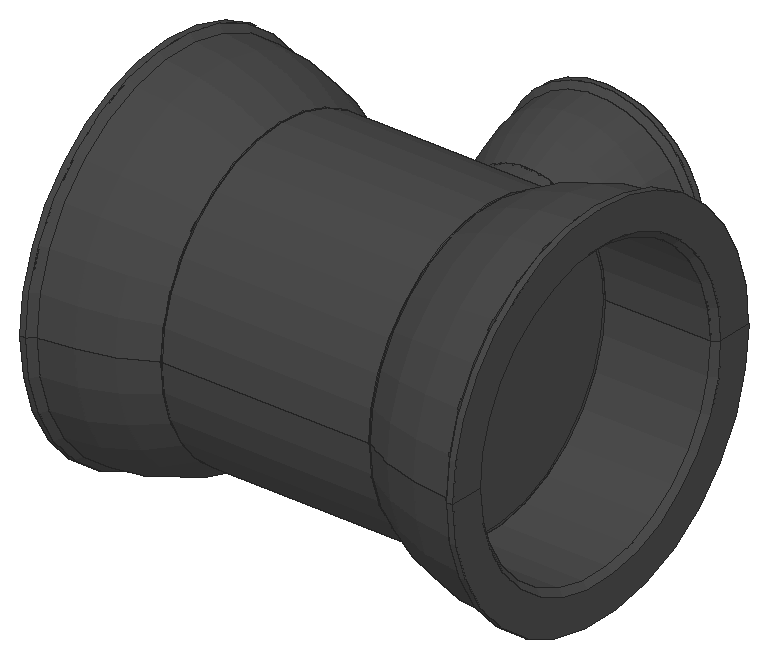
Revit family "Duc_JGS_Tes", category Pipe Fittings, Revit 2025
Family settings
  Round Connector Dimension = Use Diameter
  Part Type = Tee
  Work Plane-Based = No
  Always vertical = No
  Cut with Voids When Loaded = No
  Shared = Yes
Parameters
  Tabela [instance] = "Duc_JGS_Tes"
  Nominal Radius2 [instance] = Nominal Diameter2 / 2  # 50.0 mm
  Nominal Radius [instance] = Nominal Diameter / 2  # 125.0 mm
  Nominal Diameter2 [instance] = 100.0 mm
  Nominal Diameter [instance] = 250.0 mm
  Material_Conexao = FOFO
  Manufacturer = "SGC"
  Loss Method = Not Defined
  K Coefficient Table = "Tee"
  EK7 [instance] = size_lookup(Tabela, "EK7", 5.2 mm, Nominal Diameter, Nominal Diameter2)  # 5.5 mm
  Description = "Tê com Bolsas"
  Default Elevation = 0.0 mm
  Corpo_R2 [instance] = (size_lookup(Tabela, "Bolsa_DE2", 98.0 mm, Nominal Diameter, Nominal Diameter2) / 2) + EK7  # 64.5 mm
  Corpo_R1 [instance] = (size_lookup(Tabela, "Bolsa_DE", 98.0 mm, Nominal Diameter, Nominal Diameter2) / 2) + EK7  # 142.5 mm
  Corpo_L [instance] = size_lookup(Tabela, "Corpo_L", 170.0 mm, Nominal Diameter, Nominal Diameter2)  # 200.0 mm
  Corpo_H [instance] = size_lookup(Tabela, "Corpo_H", 85.0 mm, Nominal Diameter, Nominal Diameter2)  # 170.0 mm
  Angle [instance] = 0.00°
Reference planes
  plane 1 "Center (Front/Back)": y = 0
  plane 2: z = 0
  plane 3 "Center (Left/Right)": x = 468.25
  plane 4 "EE": x = 368.25
  plane 5 "ED": x = 568.25
  plane 6 "ES": y = 170
Forms (mm)
  Sweep 1, solid, material "FOFO" <- "Material_Conexao"
    path origin (0, 0, 0) x (1, 0, 0) y (0, 1, 0)
      loop
        line (368.25, 0) -> (568.25, 0)
    profile origin (468.25, 0, 0) x (0, 1, 0) y (0, 0, 1)
      loop
        circle (0, 0) r 142.5
  Sweep 2, solid, material "FOFO" <- "Material_Conexao"
    path origin (0, 0, 0) x (1, 0, 0) y (0, 1, 0)
      loop
        line (468.25, 170) -> (468.25, 0)
    profile origin (468.25, 85, 0) x (1, 0, 0) y (0, 0, 1)
      loop
        circle (0, 0) r 64.5
Cuts and joins
  joined: Sweep 1, Sweep 2
Dimensions and locks
  "Corpo_H": plane 1 "Center (Front/Back)" to plane 6 "ES"
  "Corpo_L": plane 4 "EE" to plane 5 "ED"
  equal spacing: plane 4 "EE", plane 3 "Center (Left/Right)", plane 5 "ED"
  "Corpo_R1": radius of Sweep 1 sketch curve
  "Corpo_R2": radius of Sweep 2 sketch curve
  aligned and locked: plane 1 "Center (Front/Back)" to Sweep 1 sketch curve
  aligned and locked: plane 5 "ED" to Sweep 1 sketch curve
  aligned and locked: plane 4 "EE" to Sweep 1 sketch curve
  aligned and locked: plane 1 "Center (Front/Back)" to Sweep 2 sketch curve
  aligned and locked: plane 6 "ES" to Sweep 2 sketch curve
  aligned and locked: Sweep 2 sketch curve to plane 3 "Center (Left/Right)"
  aligned and locked: nested 3 to plane 6 "ES"
  aligned and locked: nested 1 to plane 5 "ED"
  aligned and locked: nested 2 to plane 4 "EE"
Automatic sketch dimensions
  Sweep 1 sketch curve to level = 0.0 mm
  Sweep 1 sketch curve to profile plane = 0.0 mm
  Sweep 2 sketch curve to level = 0.0 mm
  profile plane to Sweep 2 sketch curve = 0.0 mm
Nested families
  nested 1: "Duc_JGS_Bolsas" at (-2050, 0, 0), Nominal Radius <- "Nominal Radius", Nominal Diameter <- "Nominal Diameter", type "Duc_JGS_Bolsas"
    with Tabela "Duc_JGS_Bolsas", Nominal Radius 125.0 mm, Nominal Diameter 250.0 mm, EK7 5.5 mm, Borde2 11.0 mm, Borde1 5.5 mm, Bolsa_P 106.5 mm, Bolsa_DI 138.5 mm, Bolsa_DE1 142.5 mm, Bolsa_DE 137.0 mm, Bolsa_B 176.5 mm
  nested 2: "Duc_JGS_Bolsas" at (2986.5, 0, 0) x (-1, 0, 0) z (0, 0, 1), Nominal Radius <- "Nominal Radius", Nominal Diameter <- "Nominal Diameter", type "Duc_JGS_Bolsas"
    with Tabela "Duc_JGS_Bolsas", Nominal Radius 125.0 mm, Nominal Diameter 250.0 mm, EK7 5.5 mm, Borde2 11.0 mm, Borde1 5.5 mm, Bolsa_P 106.5 mm, Bolsa_DI 138.5 mm, Bolsa_DE1 142.5 mm, Bolsa_DE 137.0 mm, Bolsa_B 176.5 mm
  nested 3: "Duc_JGS_Bolsas" at (468.25, -2448.25, 0) x (0, 1, 0) z (0, 0, 1), Nominal Diameter <- "Nominal Diameter2", Nominal Radius <- "Nominal Radius2", type "Duc_JGS_Bolsas"
    with Tabela "Duc_JGS_Bolsas", Nominal Radius 50.0 mm, Nominal Diameter 100.0 mm, EK7 5.2 mm, Borde2 10.4 mm, Borde1 5.2 mm, Bolsa_P 94.5 mm, Bolsa_DI 60.5 mm, Bolsa_DE1 64.2 mm, Bolsa_DE 59.0 mm, Bolsa_B 94.5 mm
Connectors
  piping at (568.25, 0, 0), diameter 250, driven by "Nominal Diameter", driven by "Angle"
    settings: on cut or joined group of Sweep 1, Sweep 2, index 1, connector inside diameter 609.6 mm, connector length 0.0 mm, flow factor 0, pipe flow 0 L/s, pressure drop 0.00 psi, fitting loss kfactor 0, connector angle 0.00°, fixture units 0, engagement length 0.0 mm, angle of deflection 0.00°, flow configuration 0, flow direction 0, fitting loss method 0, system type 28, joint type 0, gender type 0, connector reference index -1, connector utility 0, adjustable connector no, is connector primary yes, connector description ""
  piping at (368.25, 0, 0), diameter 250, driven by "Nominal Diameter", driven by "Angle"
    settings: on cut or joined group of Sweep 1, Sweep 2, index 2, connector inside diameter 609.6 mm, connector length 0.0 mm, flow factor 0, pipe flow 0 L/s, pressure drop 0.00 psi, fitting loss kfactor 0, connector angle 0.00°, fixture units 0, engagement length 0.0 mm, angle of deflection 0.00°, flow configuration 0, flow direction 0, fitting loss method 0, system type 28, joint type 0, gender type 0, connector reference index -1, connector utility 0, adjustable connector no, is connector primary no, connector description ""
  piping at (468.25, 170, 0), diameter 100, driven by "Angle", driven by "Nominal Diameter2"
    settings: on cut or joined group of Sweep 1, Sweep 2, index 3, connector inside diameter 609.6 mm, connector length 0.0 mm, flow factor 0, pipe flow 0 L/s, pressure drop 0.00 psi, fitting loss kfactor 0, connector angle 0.00°, fixture units 0, engagement length 0.0 mm, angle of deflection 0.00°, flow configuration 0, flow direction 0, fitting loss method 0, system type 28, joint type 0, gender type 0, connector reference index -1, connector utility 0, adjustable connector no, is connector primary no, connector description ""
Definition of nested family "Duc_JGS_Bolsas"
  Parameters (values of type "Duc_JGS_Bolsas")
    Tabela [instance] = "Duc_JGS_Bolsas"
    Nominal Radius [instance] = Nominal Diameter / 2  # 40.0 mm
    Nominal Diameter [instance] = 80.0 mm
    Manufacturer = "SGC"
    Loss Method = 1
    K Coefficient Table = "Tee"
    EK7 [instance] = size_lookup(Tabela, "EK7", 5.2 mm, Nominal Diameter)  # 5.2 mm
    Description = "Bolsas JGS - JTI - JTE"
    Material_Conexao = none
    Default Elevation = 0.0 mm
    Borde2 [instance] = EK7 * 2  # 10.4 mm
    Borde1 [instance] = EK7  # 5.2 mm
    Bolsa_DE1 [instance] = Bolsa_DE + EK7  # 54.2 mm
    Bolsa_P [instance] = size_lookup(Tabela, "Bolsa_P", 94.5 mm, Nominal Diameter)  # 92.5 mm
    Bolsa_DI [instance] = size_lookup(Tabela, "Bolsa_DI", 60.5 mm, Nominal Diameter) / 2  # 50.5 mm
    Bolsa_DE [instance] = size_lookup(Tabela, "Bolsa_DE", 59.0 mm, Nominal Diameter) / 2  # 49.0 mm
    Bolsa_B [instance] = size_lookup(Tabela, "Bolsa_B", 118.0 mm, Nominal Diameter) / 2  # 84.0 mm
  Reference planes
    plane 1 "Center (Front/Back)": y = 0
    plane 2: z = 0
    plane 3 "Center (Left/Right)": x = 2618.25
    plane 4: x = 2710.75
    plane 5: y = 84
    plane 6: y = 50.5
    plane 7: y = 49
    plane 8: y = 54.2
  Forms (mm)
    Revolve 1, solid, material <- "Material_Conexao"
      sketch origin (0, 0, 0) x (1, 0, 0) y (0, 1, 0)
        loop
          line (2618.25, 50.5) -> (2705.55, 50.5) -> (2710.75, 55.7) -> (2710.75, 84) -> (2705.55, 84) -> (2700.35, 78.8)
          arc (2700.35, 78.8) -> (2657.555, 72.323) -> (2618.25, 54.2) r 154.08
          line (2618.25, 54.2) -> (2617.25, 54.2) -> (2617.25, 49) -> (2618.25, 49) -> (2618.25, 50.5)
        axis (2617.25, 0) -> (2710.75, 0)
      angle from 0 to 360
  Lines and regions (mm)
    model lines
      curve 1: line (2618.25, 0, 200.5) -> (2618.25, 0, -200.5)
      curve 3: line (2618.25, 0, 0) -> (2710.75, 0, 0)
    reference lines
      curve 2: line (2618.25, 0, 0) -> (2710.75, 0, 0)
  Dimensions and locks
    "Borde1": Revolve 1 sketch curve to Revolve 1 sketch curve  (x4)
    "Borde2": Revolve 1 sketch curve to Revolve 1 sketch curve
    "Borde1": Revolve 1 sketch curve to plane 8
    "Bolsa_B": plane 5 to plane 1 "Center (Front/Back)"
    "Bolsa_DI": plane 6 to plane 1 "Center (Front/Back)"
    "Bolsa_DE": plane 7 to plane 1 "Center (Front/Back)"
    "Bolsa_DE1": plane 8 to plane 1 "Center (Front/Back)"
    "Bolsa_P": plane 3 "Center (Left/Right)" to plane 4
    locked: Revolve 1 sketch curve to Revolve 1 sketch curve at 1
    aligned and locked: plane 5 to Revolve 1 sketch curve
    aligned and locked: Revolve 1 sketch curve to plane 6
    aligned and locked: Revolve 1 sketch curve to plane 3 "Center (Left/Right)"
    aligned and locked: plane 1 "Center (Front/Back)" to curve 2
    aligned and locked: curve 2 to plane 3 "Center (Left/Right)"
    aligned and locked: plane 4 to curve 2
    aligned and locked: curve 3 to curve 2
  Automatic sketch dimensions
    curve 1 to plane 1 "Center (Front/Back)" = 0.0 mm
    curve 1 to level = 200.5 mm
    level to curve 1 = 200.5 mm
    curve 3 to plane 3 "Center (Left/Right)" = 0.0 mm
    curve 3 to plane 4 = 0.0 mm
    Revolve 1 sketch curve to plane 1 "Center (Front/Back)" = 0.0 mm
    Revolve 1 sketch curve to plane 3 "Center (Left/Right)" = 0.0 mm  (x2)
    Revolve 1 sketch curve to plane 4 = 0.0 mm
    Revolve 1 sketch curve to plane 8 = 0.0 mm
    Revolve 1 sketch curve to plane 4 = 8.97 mm
    plane 4 to Revolve 1 sketch curve = 1.322 mm
